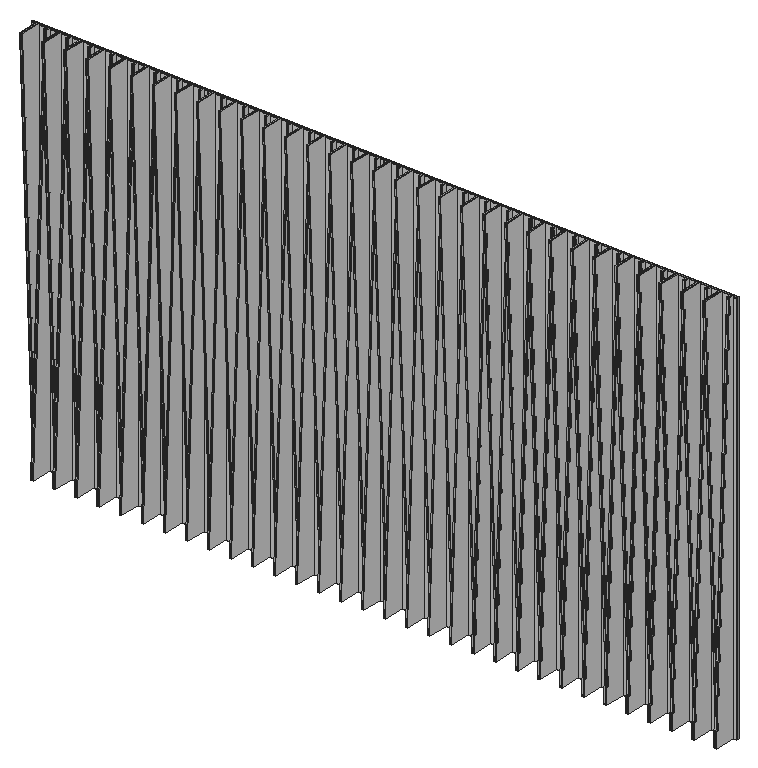
Revit family "SUR-PLG-003_RFA", category Modelos genéricos, Revit 2022
Family settings
  Puede alojar armadura = No
  Cota de conector redondo = Diámetro de uso
  Tipo de pieza = Normal
  Se basa en plano de trabajo = No
  Siempre vertical = Sí
  Corte con vacíos al cargar = No
  Mantener orientación de anotación = No
  Compartido = No
  Punto de cálculo de habitación = No
Parameters
  Elevación por defecto = 0.00"
Reference planes (in)
  plane 1 "Centro (Frontal/Posterior)": y = 0
  plane 2: z = 0
  plane 3 "Centro (Izquierda/Derecha)": x = 0
Forms (in)
  Extrusion 1, solid
    sketch origin (0, 0, 0) x (1, 0, 0) y (0, 1, 0)
      loop
        line (0, 0.11811) -> (0, 0) -> (48, 0) -> (48, 0.11811) -> (0, 0.11811)
    from 0 to 108
  Extrusion 2, solid
    sketch origin (0, 0, 0) x (1, 0, 0) y (0, 1, 0)
      loop
        line (0, 0.59055) -> (0, 0.11811) -> (48, 0.11811) -> (48, 0.59055) -> (0, 0.59055)
    from 0 to 108
  Extrusion 3, solid, not visible
    sketch origin (0, 0, 0) x (1, 0, 0) y (0, 1, 0)
      loop
        line (0, 0.11811) -> (0, 0) -> (48, 0) -> (48, 0.11811) -> (0, 0.11811)
    from 0 to 108
  Extrusion 4, solid, not visible
    sketch origin (0, 0, 0) x (1, 0, 0) y (0, 1, 0)
      loop
        line (0, 0.59055) -> (0, 0.11811) -> (48, 0.11811) -> (48, 0.59055) -> (0, 0.59055)
    from 0 to 108
  Extrusion 5, solid
    sketch origin (48, 0, 0) x (1, 0, 0) y (0, 1, 0)
      loop
        line (0, 0.11811) -> (0, 0) -> (48, 0) -> (48, 0.11811) -> (0, 0.11811)
    from 0 to 108
  Extrusion 6, solid
    sketch origin (48, 0, 0) x (1, 0, 0) y (0, 1, 0)
      loop
        line (0, 0.59055) -> (0, 0.11811) -> (48, 0.11811) -> (48, 0.59055) -> (0, 0.59055)
    from 0 to 108
  Extrusion 7, solid
    sketch origin (96, 0, 0) x (1, 0, 0) y (0, 1, 0)
      loop
        line (0, 0.11811) -> (0, 0) -> (48, 0) -> (48, 0.11811) -> (0, 0.11811)
    from 0 to 108
  Extrusion 8, solid
    sketch origin (96, 0, 0) x (1, 0, 0) y (0, 1, 0)
      loop
        line (0, 0.59055) -> (0, 0.11811) -> (48, 0.11811) -> (48, 0.59055) -> (0, 0.59055)
    from 0 to 108
  Extrusion 9, solid
    sketch origin (144, 0, 0) x (1, 0, 0) y (0, 1, 0)
      loop
        line (0, 0.11811) -> (0, 0) -> (48, 0) -> (48, 0.11811) -> (0, 0.11811)
    from 0 to 108
  Extrusion 10, solid
    sketch origin (144, 0, 0) x (1, 0, 0) y (0, 1, 0)
      loop
        line (0, 0.59055) -> (0, 0.11811) -> (48, 0.11811) -> (48, 0.59055) -> (0, 0.59055)
    from 0 to 108
  Extrusion 11, solid
    sketch origin (0, 0, 0) x (0, 1, 0) y (0, 0, 1)
      loop
        line (0, 108) -> (-5.40945, 108) -> (-1, 0) -> (0, 0) -> (0, 108)
    from 1.14605 to 1.26416
  Extrusion 12, solid
    sketch origin (0.11811, 0, 0) x (0, 1, 0) y (0, 0, 1)
      loop
        line (0, 108) -> (-5.40945, 108) -> (-1, 0) -> (0, 0) -> (0, 108)
    from 1.14605 to 1.61849
  Extrusion 13, solid
    sketch origin (0.59055, 0, 0) x (0, 1, 0) y (0, 0, 1)
      loop
        line (0, 108) -> (-5.40945, 108) -> (-1, 0) -> (0, 0) -> (0, 108)
    from 1.14605 to 1.26416
  Extrusion 14, solid
    sketch origin (2.99997, 0, 0) x (0, 1, 0) y (0, 0, 1)
      loop
        line (0, 108) -> (-1, 108) -> (-5.40945, 0) -> (0, 0) -> (0, 108)
    from 1.14605 to 1.26416
  Extrusion 15, solid
    sketch origin (3.11808, 0, 0) x (0, 1, 0) y (0, 0, 1)
      loop
        line (0, 108) -> (-1, 108) -> (-5.40945, 0) -> (0, 0) -> (0, 108)
    from 1.14605 to 1.61849
  Extrusion 16, solid
    sketch origin (3.59052, 0, 0) x (0, 1, 0) y (0, 0, 1)
      loop
        line (0, 108) -> (-1, 108) -> (-5.40945, 0) -> (0, 0) -> (0, 108)
    from 1.14605 to 1.26416
  Extrusion 17, solid, not visible
    sketch origin (0, 0, 0) x (0, 1, 0) y (0, 0, 1)
      loop
        line (0, 108) -> (-5.40945, 108) -> (-1, 0) -> (0, 0) -> (0, 108)
    from 1.14605 to 1.26416
  Extrusion 18, solid, not visible
    sketch origin (0.11811, 0, 0) x (0, 1, 0) y (0, 0, 1)
      loop
        line (0, 108) -> (-5.40945, 108) -> (-1, 0) -> (0, 0) -> (0, 108)
    from 1.14605 to 1.61849
  Extrusion 19, solid, not visible
    sketch origin (0.59055, 0, 0) x (0, 1, 0) y (0, 0, 1)
      loop
        line (0, 108) -> (-5.40945, 108) -> (-1, 0) -> (0, 0) -> (0, 108)
    from 1.14605 to 1.26416
  Extrusion 20, solid, not visible
    sketch origin (2.99997, 0, 0) x (0, 1, 0) y (0, 0, 1)
      loop
        line (0, 108) -> (-1, 108) -> (-5.40945, 0) -> (0, 0) -> (0, 108)
    from 1.14605 to 1.26416
  Extrusion 21, solid, not visible
    sketch origin (3.11808, 0, 0) x (0, 1, 0) y (0, 0, 1)
      loop
        line (0, 108) -> (-1, 108) -> (-5.40945, 0) -> (0, 0) -> (0, 108)
    from 1.14605 to 1.61849
  Extrusion 22, solid, not visible
    sketch origin (3.59052, 0, 0) x (0, 1, 0) y (0, 0, 1)
      loop
        line (0, 108) -> (-1, 108) -> (-5.40945, 0) -> (0, 0) -> (0, 108)
    from 1.14605 to 1.26416
  Extrusion 23, solid
    sketch origin (5.99997, 0, 0) x (0, 1, 0) y (0, 0, 1)
      loop
        line (0, 108) -> (-5.40945, 108) -> (-1, 0) -> (0, 0) -> (0, 108)
    from 1.14605 to 1.26416
  Extrusion 24, solid
    sketch origin (6.11808, 0, 0) x (0, 1, 0) y (0, 0, 1)
      loop
        line (0, 108) -> (-5.40945, 108) -> (-1, 0) -> (0, 0) -> (0, 108)
    from 1.14605 to 1.61849
  Extrusion 25, solid
    sketch origin (6.59052, 0, 0) x (0, 1, 0) y (0, 0, 1)
      loop
        line (0, 108) -> (-5.40945, 108) -> (-1, 0) -> (0, 0) -> (0, 108)
    from 1.14605 to 1.26416
  Extrusion 26, solid
    sketch origin (8.99993, 0, 0) x (0, 1, 0) y (0, 0, 1)
      loop
        line (0, 108) -> (-1, 108) -> (-5.40945, 0) -> (0, 0) -> (0, 108)
    from 1.14605 to 1.26416
  Extrusion 27, solid
    sketch origin (9.11804, 0, 0) x (0, 1, 0) y (0, 0, 1)
      loop
        line (0, 108) -> (-1, 108) -> (-5.40945, 0) -> (0, 0) -> (0, 108)
    from 1.14605 to 1.61849
  Extrusion 28, solid
    sketch origin (9.59048, 0, 0) x (0, 1, 0) y (0, 0, 1)
      loop
        line (0, 108) -> (-1, 108) -> (-5.40945, 0) -> (0, 0) -> (0, 108)
    from 1.14605 to 1.26416
  Extrusion 29, solid
    sketch origin (11.99993, 0, 0) x (0, 1, 0) y (0, 0, 1)
      loop
        line (0, 108) -> (-5.40945, 108) -> (-1, 0) -> (0, 0) -> (0, 108)
    from 1.14605 to 1.26416
  Extrusion 30, solid
    sketch origin (12.11804, 0, 0) x (0, 1, 0) y (0, 0, 1)
      loop
        line (0, 108) -> (-5.40945, 108) -> (-1, 0) -> (0, 0) -> (0, 108)
    from 1.14605 to 1.61849
  Extrusion 31, solid
    sketch origin (12.59048, 0, 0) x (0, 1, 0) y (0, 0, 1)
      loop
        line (0, 108) -> (-5.40945, 108) -> (-1, 0) -> (0, 0) -> (0, 108)
    from 1.14605 to 1.26416
  Extrusion 32, solid
    sketch origin (14.9999, 0, 0) x (0, 1, 0) y (0, 0, 1)
      loop
        line (0, 108) -> (-1, 108) -> (-5.40945, 0) -> (0, 0) -> (0, 108)
    from 1.14605 to 1.26416
  Extrusion 33, solid
    sketch origin (15.11801, 0, 0) x (0, 1, 0) y (0, 0, 1)
      loop
        line (0, 108) -> (-1, 108) -> (-5.40945, 0) -> (0, 0) -> (0, 108)
    from 1.14605 to 1.61849
  Extrusion 34, solid
    sketch origin (15.59045, 0, 0) x (0, 1, 0) y (0, 0, 1)
      loop
        line (0, 108) -> (-1, 108) -> (-5.40945, 0) -> (0, 0) -> (0, 108)
    from 1.14605 to 1.26416
  Extrusion 35, solid
    sketch origin (17.9999, 0, 0) x (0, 1, 0) y (0, 0, 1)
      loop
        line (0, 108) -> (-5.40945, 108) -> (-1, 0) -> (0, 0) -> (0, 108)
    from 1.14605 to 1.26416
  Extrusion 36, solid
    sketch origin (18.11801, 0, 0) x (0, 1, 0) y (0, 0, 1)
      loop
        line (0, 108) -> (-5.40945, 108) -> (-1, 0) -> (0, 0) -> (0, 108)
    from 1.14605 to 1.61849
  Extrusion 37, solid
    sketch origin (18.59045, 0, 0) x (0, 1, 0) y (0, 0, 1)
      loop
        line (0, 108) -> (-5.40945, 108) -> (-1, 0) -> (0, 0) -> (0, 108)
    from 1.14605 to 1.26416
  Extrusion 38, solid
    sketch origin (20.99986, 0, 0) x (0, 1, 0) y (0, 0, 1)
      loop
        line (0, 108) -> (-1, 108) -> (-5.40945, 0) -> (0, 0) -> (0, 108)
    from 1.14605 to 1.26416
  Extrusion 39, solid
    sketch origin (21.11797, 0, 0) x (0, 1, 0) y (0, 0, 1)
      loop
        line (0, 108) -> (-1, 108) -> (-5.40945, 0) -> (0, 0) -> (0, 108)
    from 1.14605 to 1.61849
  Extrusion 40, solid
    sketch origin (21.59042, 0, 0) x (0, 1, 0) y (0, 0, 1)
      loop
        line (0, 108) -> (-1, 108) -> (-5.40945, 0) -> (0, 0) -> (0, 108)
    from 1.14605 to 1.26416
  Extrusion 41, solid
    sketch origin (23.99986, 0, 0) x (0, 1, 0) y (0, 0, 1)
      loop
        line (0, 108) -> (-5.40945, 108) -> (-1, 0) -> (0, 0) -> (0, 108)
    from 1.14605 to 1.26416
  Extrusion 42, solid
    sketch origin (24.11797, 0, 0) x (0, 1, 0) y (0, 0, 1)
      loop
        line (0, 108) -> (-5.40945, 108) -> (-1, 0) -> (0, 0) -> (0, 108)
    from 1.14605 to 1.61849
  Extrusion 43, solid
    sketch origin (24.59041, 0, 0) x (0, 1, 0) y (0, 0, 1)
      loop
        line (0, 108) -> (-5.40945, 108) -> (-1, 0) -> (0, 0) -> (0, 108)
    from 1.14605 to 1.26416
  Extrusion 44, solid
    sketch origin (26.99983, 0, 0) x (0, 1, 0) y (0, 0, 1)
      loop
        line (0, 108) -> (-1, 108) -> (-5.40945, 0) -> (0, 0) -> (0, 108)
    from 1.14605 to 1.26416
  Extrusion 45, solid
    sketch origin (27.11794, 0, 0) x (0, 1, 0) y (0, 0, 1)
      loop
        line (0, 108) -> (-1, 108) -> (-5.40945, 0) -> (0, 0) -> (0, 108)
    from 1.14605 to 1.61849
  Extrusion 46, solid
    sketch origin (27.59038, 0, 0) x (0, 1, 0) y (0, 0, 1)
      loop
        line (0, 108) -> (-1, 108) -> (-5.40945, 0) -> (0, 0) -> (0, 108)
    from 1.14605 to 1.26416
  Extrusion 47, solid
    sketch origin (29.99983, 0, 0) x (0, 1, 0) y (0, 0, 1)
      loop
        line (0, 108) -> (-5.40945, 108) -> (-1, 0) -> (0, 0) -> (0, 108)
    from 1.14605 to 1.26416
  Extrusion 48, solid
    sketch origin (30.11794, 0, 0) x (0, 1, 0) y (0, 0, 1)
      loop
        line (0, 108) -> (-5.40945, 108) -> (-1, 0) -> (0, 0) -> (0, 108)
    from 1.14605 to 1.61849
  Extrusion 49, solid
    sketch origin (30.59038, 0, 0) x (0, 1, 0) y (0, 0, 1)
      loop
        line (0, 108) -> (-5.40945, 108) -> (-1, 0) -> (0, 0) -> (0, 108)
    from 1.14605 to 1.26416
  Extrusion 50, solid
    sketch origin (32.9998, 0, 0) x (0, 1, 0) y (0, 0, 1)
      loop
        line (0, 108) -> (-1, 108) -> (-5.40945, 0) -> (0, 0) -> (0, 108)
    from 1.14605 to 1.26416
  Extrusion 51, solid
    sketch origin (33.11791, 0, 0) x (0, 1, 0) y (0, 0, 1)
      loop
        line (0, 108) -> (-1, 108) -> (-5.40945, 0) -> (0, 0) -> (0, 108)
    from 1.14605 to 1.61849
  Extrusion 52, solid
    sketch origin (33.59035, 0, 0) x (0, 1, 0) y (0, 0, 1)
      loop
        line (0, 108) -> (-1, 108) -> (-5.40945, 0) -> (0, 0) -> (0, 108)
    from 1.14605 to 1.26416
  Extrusion 53, solid
    sketch origin (35.99979, 0, 0) x (0, 1, 0) y (0, 0, 1)
      loop
        line (0, 108) -> (-5.40945, 108) -> (-1, 0) -> (0, 0) -> (0, 108)
    from 1.14605 to 1.26416
  Extrusion 54, solid
    sketch origin (36.1179, 0, 0) x (0, 1, 0) y (0, 0, 1)
      loop
        line (0, 108) -> (-5.40945, 108) -> (-1, 0) -> (0, 0) -> (0, 108)
    from 1.14605 to 1.61849
  Extrusion 55, solid
    sketch origin (36.59035, 0, 0) x (0, 1, 0) y (0, 0, 1)
      loop
        line (0, 108) -> (-5.40945, 108) -> (-1, 0) -> (0, 0) -> (0, 108)
    from 1.14605 to 1.26416
  Extrusion 56, solid
    sketch origin (38.99976, 0, 0) x (0, 1, 0) y (0, 0, 1)
      loop
        line (0, 108) -> (-1, 108) -> (-5.40945, 0) -> (0, 0) -> (0, 108)
    from 1.14605 to 1.26416
  Extrusion 57, solid
    sketch origin (39.11787, 0, 0) x (0, 1, 0) y (0, 0, 1)
      loop
        line (0, 108) -> (-1, 108) -> (-5.40945, 0) -> (0, 0) -> (0, 108)
    from 1.14605 to 1.61849
  Extrusion 58, solid
    sketch origin (39.59031, 0, 0) x (0, 1, 0) y (0, 0, 1)
      loop
        line (0, 108) -> (-1, 108) -> (-5.40945, 0) -> (0, 0) -> (0, 108)
    from 1.14605 to 1.26416
  Extrusion 59, solid
    sketch origin (41.99976, 0, 0) x (0, 1, 0) y (0, 0, 1)
      loop
        line (0, 108) -> (-5.40945, 108) -> (-1, 0) -> (0, 0) -> (0, 108)
    from 1.14605 to 1.26416
  Extrusion 60, solid
    sketch origin (42.11787, 0, 0) x (0, 1, 0) y (0, 0, 1)
      loop
        line (0, 108) -> (-5.40945, 108) -> (-1, 0) -> (0, 0) -> (0, 108)
    from 1.14605 to 1.61849
  Extrusion 61, solid
    sketch origin (42.59031, 0, 0) x (0, 1, 0) y (0, 0, 1)
      loop
        line (0, 108) -> (-5.40945, 108) -> (-1, 0) -> (0, 0) -> (0, 108)
    from 1.14605 to 1.26416
  Extrusion 62, solid
    sketch origin (44.99973, 0, 0) x (0, 1, 0) y (0, 0, 1)
      loop
        line (0, 108) -> (-1, 108) -> (-5.40945, 0) -> (0, 0) -> (0, 108)
    from 1.14605 to 1.26416
  Extrusion 63, solid
    sketch origin (45.11784, 0, 0) x (0, 1, 0) y (0, 0, 1)
      loop
        line (0, 108) -> (-1, 108) -> (-5.40945, 0) -> (0, 0) -> (0, 108)
    from 1.14605 to 1.61849
  Extrusion 64, solid
    sketch origin (45.59028, 0, 0) x (0, 1, 0) y (0, 0, 1)
      loop
        line (0, 108) -> (-1, 108) -> (-5.40945, 0) -> (0, 0) -> (0, 108)
    from 1.14605 to 1.26416
  Extrusion 65, solid
    sketch origin (47.99973, 0, 0) x (0, 1, 0) y (0, 0, 1)
      loop
        line (0, 108) -> (-5.40945, 108) -> (-1, 0) -> (0, 0) -> (0, 108)
    from 1.14605 to 1.26416
  Extrusion 66, solid
    sketch origin (48.11784, 0, 0) x (0, 1, 0) y (0, 0, 1)
      loop
        line (0, 108) -> (-5.40945, 108) -> (-1, 0) -> (0, 0) -> (0, 108)
    from 1.14605 to 1.61849
  Extrusion 67, solid
    sketch origin (48.59028, 0, 0) x (0, 1, 0) y (0, 0, 1)
      loop
        line (0, 108) -> (-5.40945, 108) -> (-1, 0) -> (0, 0) -> (0, 108)
    from 1.14605 to 1.26416
  Extrusion 68, solid
    sketch origin (50.99969, 0, 0) x (0, 1, 0) y (0, 0, 1)
      loop
        line (0, 108) -> (-1, 108) -> (-5.40945, 0) -> (0, 0) -> (0, 108)
    from 1.14605 to 1.26416
  Extrusion 69, solid
    sketch origin (51.1178, 0, 0) x (0, 1, 0) y (0, 0, 1)
      loop
        line (0, 108) -> (-1, 108) -> (-5.40945, 0) -> (0, 0) -> (0, 108)
    from 1.14605 to 1.61849
  Extrusion 70, solid
    sketch origin (51.59024, 0, 0) x (0, 1, 0) y (0, 0, 1)
      loop
        line (0, 108) -> (-1, 108) -> (-5.40945, 0) -> (0, 0) -> (0, 108)
    from 1.14605 to 1.26416
  Extrusion 71, solid
    sketch origin (53.99969, 0, 0) x (0, 1, 0) y (0, 0, 1)
      loop
        line (0, 108) -> (-5.40945, 108) -> (-1, 0) -> (0, 0) -> (0, 108)
    from 1.14605 to 1.26416
  Extrusion 72, solid
    sketch origin (54.1178, 0, 0) x (0, 1, 0) y (0, 0, 1)
      loop
        line (0, 108) -> (-5.40945, 108) -> (-1, 0) -> (0, 0) -> (0, 108)
    from 1.14605 to 1.61849
  Extrusion 73, solid
    sketch origin (54.59024, 0, 0) x (0, 1, 0) y (0, 0, 1)
      loop
        line (0, 108) -> (-5.40945, 108) -> (-1, 0) -> (0, 0) -> (0, 108)
    from 1.14605 to 1.26416
  Extrusion 74, solid
    sketch origin (56.99966, 0, 0) x (0, 1, 0) y (0, 0, 1)
      loop
        line (0, 108) -> (-1, 108) -> (-5.40945, 0) -> (0, 0) -> (0, 108)
    from 1.14605 to 1.26416
  Extrusion 75, solid
    sketch origin (57.11777, 0, 0) x (0, 1, 0) y (0, 0, 1)
      loop
        line (0, 108) -> (-1, 108) -> (-5.40945, 0) -> (0, 0) -> (0, 108)
    from 1.14605 to 1.61849
  Extrusion 76, solid
    sketch origin (57.59021, 0, 0) x (0, 1, 0) y (0, 0, 1)
      loop
        line (0, 108) -> (-1, 108) -> (-5.40945, 0) -> (0, 0) -> (0, 108)
    from 1.14605 to 1.26416
  Extrusion 77, solid
    sketch origin (59.99993, 0, 0) x (0, 1, 0) y (0, 0, 1)
      loop
        line (0, 108) -> (-5.40945, 108) -> (-1, 0) -> (0, 0) -> (0, 108)
    from 1.14605 to 1.26416
  Extrusion 78, solid
    sketch origin (60.11804, 0, 0) x (0, 1, 0) y (0, 0, 1)
      loop
        line (0, 108) -> (-5.40945, 108) -> (-1, 0) -> (0, 0) -> (0, 108)
    from 1.14605 to 1.61849
  Extrusion 79, solid
    sketch origin (60.59048, 0, 0) x (0, 1, 0) y (0, 0, 1)
      loop
        line (0, 108) -> (-5.40945, 108) -> (-1, 0) -> (0, 0) -> (0, 108)
    from 1.14605 to 1.26416
  Extrusion 80, solid
    sketch origin (62.9999, 0, 0) x (0, 1, 0) y (0, 0, 1)
      loop
        line (0, 108) -> (-1, 108) -> (-5.40945, 0) -> (0, 0) -> (0, 108)
    from 1.14605 to 1.26416
  Extrusion 81, solid
    sketch origin (63.11801, 0, 0) x (0, 1, 0) y (0, 0, 1)
      loop
        line (0, 108) -> (-1, 108) -> (-5.40945, 0) -> (0, 0) -> (0, 108)
    from 1.14605 to 1.61849
  Extrusion 82, solid
    sketch origin (63.59045, 0, 0) x (0, 1, 0) y (0, 0, 1)
      loop
        line (0, 108) -> (-1, 108) -> (-5.40945, 0) -> (0, 0) -> (0, 108)
    from 1.14605 to 1.26416
  Extrusion 83, solid
    sketch origin (65.9999, 0, 0) x (0, 1, 0) y (0, 0, 1)
      loop
        line (0, 108) -> (-5.40945, 108) -> (-1, 0) -> (0, 0) -> (0, 108)
    from 1.14605 to 1.26416
  Extrusion 84, solid
    sketch origin (66.11801, 0, 0) x (0, 1, 0) y (0, 0, 1)
      loop
        line (0, 108) -> (-5.40945, 108) -> (-1, 0) -> (0, 0) -> (0, 108)
    from 1.14605 to 1.61849
  Extrusion 85, solid
    sketch origin (66.59045, 0, 0) x (0, 1, 0) y (0, 0, 1)
      loop
        line (0, 108) -> (-5.40945, 108) -> (-1, 0) -> (0, 0) -> (0, 108)
    from 1.14605 to 1.26416
  Extrusion 86, solid
    sketch origin (68.99987, 0, 0) x (0, 1, 0) y (0, 0, 1)
      loop
        line (0, 108) -> (-1, 108) -> (-5.40945, 0) -> (0, 0) -> (0, 108)
    from 1.14605 to 1.26416
  Extrusion 87, solid
    sketch origin (69.11798, 0, 0) x (0, 1, 0) y (0, 0, 1)
      loop
        line (0, 108) -> (-1, 108) -> (-5.40945, 0) -> (0, 0) -> (0, 108)
    from 1.14605 to 1.61849
  Extrusion 88, solid
    sketch origin (69.59042, 0, 0) x (0, 1, 0) y (0, 0, 1)
      loop
        line (0, 108) -> (-1, 108) -> (-5.40945, 0) -> (0, 0) -> (0, 108)
    from 1.14605 to 1.26416
  Extrusion 89, solid
    sketch origin (71.99987, 0, 0) x (0, 1, 0) y (0, 0, 1)
      loop
        line (0, 108) -> (-5.40945, 108) -> (-1, 0) -> (0, 0) -> (0, 108)
    from 1.14605 to 1.26416
  Extrusion 90, solid
    sketch origin (72.11798, 0, 0) x (0, 1, 0) y (0, 0, 1)
      loop
        line (0, 108) -> (-5.40945, 108) -> (-1, 0) -> (0, 0) -> (0, 108)
    from 1.14605 to 1.61849
  Extrusion 91, solid
    sketch origin (72.59042, 0, 0) x (0, 1, 0) y (0, 0, 1)
      loop
        line (0, 108) -> (-5.40945, 108) -> (-1, 0) -> (0, 0) -> (0, 108)
    from 1.14605 to 1.26416
  Extrusion 92, solid
    sketch origin (74.99983, 0, 0) x (0, 1, 0) y (0, 0, 1)
      loop
        line (0, 108) -> (-1, 108) -> (-5.40945, 0) -> (0, 0) -> (0, 108)
    from 1.14605 to 1.26416
  Extrusion 93, solid
    sketch origin (75.11794, 0, 0) x (0, 1, 0) y (0, 0, 1)
      loop
        line (0, 108) -> (-1, 108) -> (-5.40945, 0) -> (0, 0) -> (0, 108)
    from 1.14605 to 1.61849
  Extrusion 94, solid
    sketch origin (75.59039, 0, 0) x (0, 1, 0) y (0, 0, 1)
      loop
        line (0, 108) -> (-1, 108) -> (-5.40945, 0) -> (0, 0) -> (0, 108)
    from 1.14605 to 1.26416
  Extrusion 95, solid
    sketch origin (77.99983, 0, 0) x (0, 1, 0) y (0, 0, 1)
      loop
        line (0, 108) -> (-5.40945, 108) -> (-1, 0) -> (0, 0) -> (0, 108)
    from 1.14605 to 1.26416
  Extrusion 96, solid
    sketch origin (78.11794, 0, 0) x (0, 1, 0) y (0, 0, 1)
      loop
        line (0, 108) -> (-5.40945, 108) -> (-1, 0) -> (0, 0) -> (0, 108)
    from 1.14605 to 1.61849
  Extrusion 97, solid
    sketch origin (78.59038, 0, 0) x (0, 1, 0) y (0, 0, 1)
      loop
        line (0, 108) -> (-5.40945, 108) -> (-1, 0) -> (0, 0) -> (0, 108)
    from 1.14605 to 1.26416
  Extrusion 98, solid
    sketch origin (80.9998, 0, 0) x (0, 1, 0) y (0, 0, 1)
      loop
        line (0, 108) -> (-1, 108) -> (-5.40945, 0) -> (0, 0) -> (0, 108)
    from 1.14605 to 1.26416
  Extrusion 99, solid
    sketch origin (81.11791, 0, 0) x (0, 1, 0) y (0, 0, 1)
      loop
        line (0, 108) -> (-1, 108) -> (-5.40945, 0) -> (0, 0) -> (0, 108)
    from 1.14605 to 1.61849
  Extrusion 100, solid
    sketch origin (81.59035, 0, 0) x (0, 1, 0) y (0, 0, 1)
      loop
        line (0, 108) -> (-1, 108) -> (-5.40945, 0) -> (0, 0) -> (0, 108)
    from 1.14605 to 1.26416
  Extrusion 101, solid
    sketch origin (83.9998, 0, 0) x (0, 1, 0) y (0, 0, 1)
      loop
        line (0, 108) -> (-5.40945, 108) -> (-1, 0) -> (0, 0) -> (0, 108)
    from 1.14605 to 1.26416
  Extrusion 102, solid
    sketch origin (84.11791, 0, 0) x (0, 1, 0) y (0, 0, 1)
      loop
        line (0, 108) -> (-5.40945, 108) -> (-1, 0) -> (0, 0) -> (0, 108)
    from 1.14605 to 1.61849
  Extrusion 103, solid
    sketch origin (84.59035, 0, 0) x (0, 1, 0) y (0, 0, 1)
      loop
        line (0, 108) -> (-5.40945, 108) -> (-1, 0) -> (0, 0) -> (0, 108)
    from 1.14605 to 1.26416
  Extrusion 104, solid
    sketch origin (86.99976, 0, 0) x (0, 1, 0) y (0, 0, 1)
      loop
        line (0, 108) -> (-1, 108) -> (-5.40945, 0) -> (0, 0) -> (0, 108)
    from 1.14605 to 1.26416
  Extrusion 105, solid
    sketch origin (87.11787, 0, 0) x (0, 1, 0) y (0, 0, 1)
      loop
        line (0, 108) -> (-1, 108) -> (-5.40945, 0) -> (0, 0) -> (0, 108)
    from 1.14605 to 1.61849
  Extrusion 106, solid
    sketch origin (87.59031, 0, 0) x (0, 1, 0) y (0, 0, 1)
      loop
        line (0, 108) -> (-1, 108) -> (-5.40945, 0) -> (0, 0) -> (0, 108)
    from 1.14605 to 1.26416
  Extrusion 107, solid
    sketch origin (89.99976, 0, 0) x (0, 1, 0) y (0, 0, 1)
      loop
        line (0, 108) -> (-5.40945, 108) -> (-1, 0) -> (0, 0) -> (0, 108)
    from 1.14605 to 1.26416
  Extrusion 108, solid
    sketch origin (90.11787, 0, 0) x (0, 1, 0) y (0, 0, 1)
      loop
        line (0, 108) -> (-5.40945, 108) -> (-1, 0) -> (0, 0) -> (0, 108)
    from 1.14605 to 1.61849
  Extrusion 109, solid
    sketch origin (90.59031, 0, 0) x (0, 1, 0) y (0, 0, 1)
      loop
        line (0, 108) -> (-5.40945, 108) -> (-1, 0) -> (0, 0) -> (0, 108)
    from 1.14605 to 1.26416
  Extrusion 110, solid
    sketch origin (92.99973, 0, 0) x (0, 1, 0) y (0, 0, 1)
      loop
        line (0, 108) -> (-1, 108) -> (-5.40945, 0) -> (0, 0) -> (0, 108)
    from 1.14605 to 1.26416
  Extrusion 111, solid
    sketch origin (93.11784, 0, 0) x (0, 1, 0) y (0, 0, 1)
      loop
        line (0, 108) -> (-1, 108) -> (-5.40945, 0) -> (0, 0) -> (0, 108)
    from 1.14605 to 1.61849
  Extrusion 112, solid
    sketch origin (93.59028, 0, 0) x (0, 1, 0) y (0, 0, 1)
      loop
        line (0, 108) -> (-1, 108) -> (-5.40945, 0) -> (0, 0) -> (0, 108)
    from 1.14605 to 1.26416
  Extrusion 113, solid
    sketch origin (95.99973, 0, 0) x (0, 1, 0) y (0, 0, 1)
      loop
        line (0, 108) -> (-5.40945, 108) -> (-1, 0) -> (0, 0) -> (0, 108)
    from 1.14605 to 1.26416
  Extrusion 114, solid
    sketch origin (96.11784, 0, 0) x (0, 1, 0) y (0, 0, 1)
      loop
        line (0, 108) -> (-5.40945, 108) -> (-1, 0) -> (0, 0) -> (0, 108)
    from 1.14605 to 1.61849
  Extrusion 115, solid
    sketch origin (96.59028, 0, 0) x (0, 1, 0) y (0, 0, 1)
      loop
        line (0, 108) -> (-5.40945, 108) -> (-1, 0) -> (0, 0) -> (0, 108)
    from 1.14605 to 1.26416
  Extrusion 116, solid
    sketch origin (98.9997, 0, 0) x (0, 1, 0) y (0, 0, 1)
      loop
        line (0, 108) -> (-1, 108) -> (-5.40945, 0) -> (0, 0) -> (0, 108)
    from 1.14605 to 1.26416
  Extrusion 117, solid
    sketch origin (99.11781, 0, 0) x (0, 1, 0) y (0, 0, 1)
      loop
        line (0, 108) -> (-1, 108) -> (-5.40945, 0) -> (0, 0) -> (0, 108)
    from 1.14605 to 1.61849
  Extrusion 118, solid
    sketch origin (99.59025, 0, 0) x (0, 1, 0) y (0, 0, 1)
      loop
        line (0, 108) -> (-1, 108) -> (-5.40945, 0) -> (0, 0) -> (0, 108)
    from 1.14605 to 1.26416
  Extrusion 119, solid
    sketch origin (101.9997, 0, 0) x (0, 1, 0) y (0, 0, 1)
      loop
        line (0, 108) -> (-5.40945, 108) -> (-1, 0) -> (0, 0) -> (0, 108)
    from 1.14605 to 1.26416
  Extrusion 120, solid
    sketch origin (102.11781, 0, 0) x (0, 1, 0) y (0, 0, 1)
      loop
        line (0, 108) -> (-5.40945, 108) -> (-1, 0) -> (0, 0) -> (0, 108)
    from 1.14605 to 1.61849
  Extrusion 121, solid
    sketch origin (102.59025, 0, 0) x (0, 1, 0) y (0, 0, 1)
      loop
        line (0, 108) -> (-5.40945, 108) -> (-1, 0) -> (0, 0) -> (0, 108)
    from 1.14605 to 1.26416
  Extrusion 122, solid
    sketch origin (104.99966, 0, 0) x (0, 1, 0) y (0, 0, 1)
      loop
        line (0, 108) -> (-1, 108) -> (-5.40945, 0) -> (0, 0) -> (0, 108)
    from 1.14605 to 1.26416
  Extrusion 123, solid
    sketch origin (105.11777, 0, 0) x (0, 1, 0) y (0, 0, 1)
      loop
        line (0, 108) -> (-1, 108) -> (-5.40945, 0) -> (0, 0) -> (0, 108)
    from 1.14605 to 1.61849
  Extrusion 124, solid
    sketch origin (105.59021, 0, 0) x (0, 1, 0) y (0, 0, 1)
      loop
        line (0, 108) -> (-1, 108) -> (-5.40945, 0) -> (0, 0) -> (0, 108)
    from 1.14605 to 1.26416
  Extrusion 125, solid
    sketch origin (107.99966, 0, 0) x (0, 1, 0) y (0, 0, 1)
      loop
        line (0, 108) -> (-5.40945, 108) -> (-1, 0) -> (0, 0) -> (0, 108)
    from 1.14605 to 1.26416
  Extrusion 126, solid
    sketch origin (108.11777, 0, 0) x (0, 1, 0) y (0, 0, 1)
      loop
        line (0, 108) -> (-5.40945, 108) -> (-1, 0) -> (0, 0) -> (0, 108)
    from 1.14605 to 1.61849
  Extrusion 127, solid
    sketch origin (108.59021, 0, 0) x (0, 1, 0) y (0, 0, 1)
      loop
        line (0, 108) -> (-5.40945, 108) -> (-1, 0) -> (0, 0) -> (0, 108)
    from 1.14605 to 1.26416
  Extrusion 128, solid
    sketch origin (110.99963, 0, 0) x (0, 1, 0) y (0, 0, 1)
      loop
        line (0, 108) -> (-1, 108) -> (-5.40945, 0) -> (0, 0) -> (0, 108)
    from 1.14605 to 1.26416
  Extrusion 129, solid
    sketch origin (111.11774, 0, 0) x (0, 1, 0) y (0, 0, 1)
      loop
        line (0, 108) -> (-1, 108) -> (-5.40945, 0) -> (0, 0) -> (0, 108)
    from 1.14605 to 1.61849
  Extrusion 130, solid
    sketch origin (111.59018, 0, 0) x (0, 1, 0) y (0, 0, 1)
      loop
        line (0, 108) -> (-1, 108) -> (-5.40945, 0) -> (0, 0) -> (0, 108)
    from 1.14605 to 1.26416
  Extrusion 131, solid
    sketch origin (113.99962, 0, 0) x (0, 1, 0) y (0, 0, 1)
      loop
        line (0, 108) -> (-5.40945, 108) -> (-1, 0) -> (0, 0) -> (0, 108)
    from 1.14605 to 1.26416
  Extrusion 132, solid
    sketch origin (114.11773, 0, 0) x (0, 1, 0) y (0, 0, 1)
      loop
        line (0, 108) -> (-5.40945, 108) -> (-1, 0) -> (0, 0) -> (0, 108)
    from 1.14605 to 1.61849
  Extrusion 133, solid
    sketch origin (114.59018, 0, 0) x (0, 1, 0) y (0, 0, 1)
      loop
        line (0, 108) -> (-5.40945, 108) -> (-1, 0) -> (0, 0) -> (0, 108)
    from 1.14605 to 1.26416
  Extrusion 134, solid
    sketch origin (116.99959, 0, 0) x (0, 1, 0) y (0, 0, 1)
      loop
        line (0, 108) -> (-1, 108) -> (-5.40945, 0) -> (0, 0) -> (0, 108)
    from 1.14605 to 1.26416
  Extrusion 135, solid
    sketch origin (117.1177, 0, 0) x (0, 1, 0) y (0, 0, 1)
      loop
        line (0, 108) -> (-1, 108) -> (-5.40945, 0) -> (0, 0) -> (0, 108)
    from 1.14605 to 1.61849
  Extrusion 136, solid
    sketch origin (117.59014, 0, 0) x (0, 1, 0) y (0, 0, 1)
      loop
        line (0, 108) -> (-1, 108) -> (-5.40945, 0) -> (0, 0) -> (0, 108)
    from 1.14605 to 1.26416
  Extrusion 137, solid
    sketch origin (119.99986, 0, 0) x (0, 1, 0) y (0, 0, 1)
      loop
        line (0, 108) -> (-5.40945, 108) -> (-1, 0) -> (0, 0) -> (0, 108)
    from 1.14605 to 1.26416
  Extrusion 138, solid
    sketch origin (120.11797, 0, 0) x (0, 1, 0) y (0, 0, 1)
      loop
        line (0, 108) -> (-5.40945, 108) -> (-1, 0) -> (0, 0) -> (0, 108)
    from 1.14605 to 1.61849
  Extrusion 139, solid
    sketch origin (120.59041, 0, 0) x (0, 1, 0) y (0, 0, 1)
      loop
        line (0, 108) -> (-5.40945, 108) -> (-1, 0) -> (0, 0) -> (0, 108)
    from 1.14605 to 1.26416
  Extrusion 140, solid
    sketch origin (122.99983, 0, 0) x (0, 1, 0) y (0, 0, 1)
      loop
        line (0, 108) -> (-1, 108) -> (-5.40945, 0) -> (0, 0) -> (0, 108)
    from 1.14605 to 1.26416
  Extrusion 141, solid
    sketch origin (123.11794, 0, 0) x (0, 1, 0) y (0, 0, 1)
      loop
        line (0, 108) -> (-1, 108) -> (-5.40945, 0) -> (0, 0) -> (0, 108)
    from 1.14605 to 1.61849
  Extrusion 142, solid
    sketch origin (123.59038, 0, 0) x (0, 1, 0) y (0, 0, 1)
      loop
        line (0, 108) -> (-1, 108) -> (-5.40945, 0) -> (0, 0) -> (0, 108)
    from 1.14605 to 1.26416
  Extrusion 143, solid
    sketch origin (125.99983, 0, 0) x (0, 1, 0) y (0, 0, 1)
      loop
        line (0, 108) -> (-5.40945, 108) -> (-1, 0) -> (0, 0) -> (0, 108)
    from 1.14605 to 1.26416
  Extrusion 144, solid
    sketch origin (126.11794, 0, 0) x (0, 1, 0) y (0, 0, 1)
      loop
        line (0, 108) -> (-5.40945, 108) -> (-1, 0) -> (0, 0) -> (0, 108)
    from 1.14605 to 1.61849
  Extrusion 145, solid
    sketch origin (126.59038, 0, 0) x (0, 1, 0) y (0, 0, 1)
      loop
        line (0, 108) -> (-5.40945, 108) -> (-1, 0) -> (0, 0) -> (0, 108)
    from 1.14605 to 1.26416
  Extrusion 146, solid
    sketch origin (128.99979, 0, 0) x (0, 1, 0) y (0, 0, 1)
      loop
        line (0, 108) -> (-1, 108) -> (-5.40945, 0) -> (0, 0) -> (0, 108)
    from 1.14605 to 1.26416
  Extrusion 147, solid
    sketch origin (129.1179, 0, 0) x (0, 1, 0) y (0, 0, 1)
      loop
        line (0, 108) -> (-1, 108) -> (-5.40945, 0) -> (0, 0) -> (0, 108)
    from 1.14605 to 1.61849
  Extrusion 148, solid
    sketch origin (129.59035, 0, 0) x (0, 1, 0) y (0, 0, 1)
      loop
        line (0, 108) -> (-1, 108) -> (-5.40945, 0) -> (0, 0) -> (0, 108)
    from 1.14605 to 1.26416
  Extrusion 149, solid
    sketch origin (131.9998, 0, 0) x (0, 1, 0) y (0, 0, 1)
      loop
        line (0, 108) -> (-5.40945, 108) -> (-1, 0) -> (0, 0) -> (0, 108)
    from 1.14605 to 1.26416
  Extrusion 150, solid
    sketch origin (132.11791, 0, 0) x (0, 1, 0) y (0, 0, 1)
      loop
        line (0, 108) -> (-5.40945, 108) -> (-1, 0) -> (0, 0) -> (0, 108)
    from 1.14605 to 1.61849
  Extrusion 151, solid
    sketch origin (132.59035, 0, 0) x (0, 1, 0) y (0, 0, 1)
      loop
        line (0, 108) -> (-5.40945, 108) -> (-1, 0) -> (0, 0) -> (0, 108)
    from 1.14605 to 1.26416
  Extrusion 152, solid
    sketch origin (134.99976, 0, 0) x (0, 1, 0) y (0, 0, 1)
      loop
        line (0, 108) -> (-1, 108) -> (-5.40945, 0) -> (0, 0) -> (0, 108)
    from 1.14605 to 1.26416
  Extrusion 153, solid
    sketch origin (135.11787, 0, 0) x (0, 1, 0) y (0, 0, 1)
      loop
        line (0, 108) -> (-1, 108) -> (-5.40945, 0) -> (0, 0) -> (0, 108)
    from 1.14605 to 1.61849
  Extrusion 154, solid
    sketch origin (135.59031, 0, 0) x (0, 1, 0) y (0, 0, 1)
      loop
        line (0, 108) -> (-1, 108) -> (-5.40945, 0) -> (0, 0) -> (0, 108)
    from 1.14605 to 1.26416
  Extrusion 155, solid
    sketch origin (137.99976, 0, 0) x (0, 1, 0) y (0, 0, 1)
      loop
        line (0, 108) -> (-5.40945, 108) -> (-1, 0) -> (0, 0) -> (0, 108)
    from 1.14605 to 1.26416
  Extrusion 156, solid
    sketch origin (138.11787, 0, 0) x (0, 1, 0) y (0, 0, 1)
      loop
        line (0, 108) -> (-5.40945, 108) -> (-1, 0) -> (0, 0) -> (0, 108)
    from 1.14605 to 1.61849
  Extrusion 157, solid
    sketch origin (138.59031, 0, 0) x (0, 1, 0) y (0, 0, 1)
      loop
        line (0, 108) -> (-5.40945, 108) -> (-1, 0) -> (0, 0) -> (0, 108)
    from 1.14605 to 1.26416
  Extrusion 158, solid
    sketch origin (140.99973, 0, 0) x (0, 1, 0) y (0, 0, 1)
      loop
        line (0, 108) -> (-1, 108) -> (-5.40945, 0) -> (0, 0) -> (0, 108)
    from 1.14605 to 1.26416
  Extrusion 159, solid
    sketch origin (141.11784, 0, 0) x (0, 1, 0) y (0, 0, 1)
      loop
        line (0, 108) -> (-1, 108) -> (-5.40945, 0) -> (0, 0) -> (0, 108)
    from 1.14605 to 1.61849
  Extrusion 160, solid
    sketch origin (141.59028, 0, 0) x (0, 1, 0) y (0, 0, 1)
      loop
        line (0, 108) -> (-1, 108) -> (-5.40945, 0) -> (0, 0) -> (0, 108)
    from 1.14605 to 1.26416
  Extrusion 161, solid
    sketch origin (143.99972, 0, 0) x (0, 1, 0) y (0, 0, 1)
      loop
        line (0, 108) -> (-5.40945, 108) -> (-1, 0) -> (0, 0) -> (0, 108)
    from 1.14605 to 1.26416
  Extrusion 162, solid
    sketch origin (144.11783, 0, 0) x (0, 1, 0) y (0, 0, 1)
      loop
        line (0, 108) -> (-5.40945, 108) -> (-1, 0) -> (0, 0) -> (0, 108)
    from 1.14605 to 1.61849
  Extrusion 163, solid
    sketch origin (144.59027, 0, 0) x (0, 1, 0) y (0, 0, 1)
      loop
        line (0, 108) -> (-5.40945, 108) -> (-1, 0) -> (0, 0) -> (0, 108)
    from 1.14605 to 1.26416
  Extrusion 164, solid
    sketch origin (146.99969, 0, 0) x (0, 1, 0) y (0, 0, 1)
      loop
        line (0, 108) -> (-1, 108) -> (-5.40945, 0) -> (0, 0) -> (0, 108)
    from 1.14605 to 1.26416
  Extrusion 165, solid
    sketch origin (147.1178, 0, 0) x (0, 1, 0) y (0, 0, 1)
      loop
        line (0, 108) -> (-1, 108) -> (-5.40945, 0) -> (0, 0) -> (0, 108)
    from 1.14605 to 1.61849
  Extrusion 166, solid
    sketch origin (147.59024, 0, 0) x (0, 1, 0) y (0, 0, 1)
      loop
        line (0, 108) -> (-1, 108) -> (-5.40945, 0) -> (0, 0) -> (0, 108)
    from 1.14605 to 1.26416
  Extrusion 167, solid
    sketch origin (149.99997, 0, 0) x (0, 1, 0) y (0, 0, 1)
      loop
        line (0, 108) -> (-5.40945, 108) -> (-1, 0) -> (0, 0) -> (0, 108)
    from 1.14605 to 1.26416
  Extrusion 168, solid
    sketch origin (150.11808, 0, 0) x (0, 1, 0) y (0, 0, 1)
      loop
        line (0, 108) -> (-5.40945, 108) -> (-1, 0) -> (0, 0) -> (0, 108)
    from 1.14605 to 1.61849
  Extrusion 169, solid
    sketch origin (150.59052, 0, 0) x (0, 1, 0) y (0, 0, 1)
      loop
        line (0, 108) -> (-5.40945, 108) -> (-1, 0) -> (0, 0) -> (0, 108)
    from 1.14605 to 1.26416
  Extrusion 170, solid
    sketch origin (152.99993, 0, 0) x (0, 1, 0) y (0, 0, 1)
      loop
        line (0, 108) -> (-1, 108) -> (-5.40945, 0) -> (0, 0) -> (0, 108)
    from 1.14605 to 1.26416
  Extrusion 171, solid
    sketch origin (153.11804, 0, 0) x (0, 1, 0) y (0, 0, 1)
      loop
        line (0, 108) -> (-1, 108) -> (-5.40945, 0) -> (0, 0) -> (0, 108)
    from 1.14605 to 1.61849
  Extrusion 172, solid
    sketch origin (153.59048, 0, 0) x (0, 1, 0) y (0, 0, 1)
      loop
        line (0, 108) -> (-1, 108) -> (-5.40945, 0) -> (0, 0) -> (0, 108)
    from 1.14605 to 1.26416
  Extrusion 173, solid
    sketch origin (155.99993, 0, 0) x (0, 1, 0) y (0, 0, 1)
      loop
        line (0, 108) -> (-5.40945, 108) -> (-1, 0) -> (0, 0) -> (0, 108)
    from 1.14605 to 1.26416
  Extrusion 174, solid
    sketch origin (156.11804, 0, 0) x (0, 1, 0) y (0, 0, 1)
      loop
        line (0, 108) -> (-5.40945, 108) -> (-1, 0) -> (0, 0) -> (0, 108)
    from 1.14605 to 1.61849
  Extrusion 175, solid
    sketch origin (156.59048, 0, 0) x (0, 1, 0) y (0, 0, 1)
      loop
        line (0, 108) -> (-5.40945, 108) -> (-1, 0) -> (0, 0) -> (0, 108)
    from 1.14605 to 1.26416
  Extrusion 176, solid
    sketch origin (158.9999, 0, 0) x (0, 1, 0) y (0, 0, 1)
      loop
        line (0, 108) -> (-1, 108) -> (-5.40945, 0) -> (0, 0) -> (0, 108)
    from 1.14605 to 1.26416
  Extrusion 177, solid
    sketch origin (159.11801, 0, 0) x (0, 1, 0) y (0, 0, 1)
      loop
        line (0, 108) -> (-1, 108) -> (-5.40945, 0) -> (0, 0) -> (0, 108)
    from 1.14605 to 1.61849
  Extrusion 178, solid
    sketch origin (159.59045, 0, 0) x (0, 1, 0) y (0, 0, 1)
      loop
        line (0, 108) -> (-1, 108) -> (-5.40945, 0) -> (0, 0) -> (0, 108)
    from 1.14605 to 1.26416
  Extrusion 179, solid
    sketch origin (161.9999, 0, 0) x (0, 1, 0) y (0, 0, 1)
      loop
        line (0, 108) -> (-5.40945, 108) -> (-1, 0) -> (0, 0) -> (0, 108)
    from 1.14605 to 1.26416
  Extrusion 180, solid
    sketch origin (162.11801, 0, 0) x (0, 1, 0) y (0, 0, 1)
      loop
        line (0, 108) -> (-5.40945, 108) -> (-1, 0) -> (0, 0) -> (0, 108)
    from 1.14605 to 1.61849
  Extrusion 181, solid
    sketch origin (162.59045, 0, 0) x (0, 1, 0) y (0, 0, 1)
      loop
        line (0, 108) -> (-5.40945, 108) -> (-1, 0) -> (0, 0) -> (0, 108)
    from 1.14605 to 1.26416
  Extrusion 182, solid
    sketch origin (164.99987, 0, 0) x (0, 1, 0) y (0, 0, 1)
      loop
        line (0, 108) -> (-1, 108) -> (-5.40945, 0) -> (0, 0) -> (0, 108)
    from 1.14605 to 1.26416
  Extrusion 183, solid
    sketch origin (165.11798, 0, 0) x (0, 1, 0) y (0, 0, 1)
      loop
        line (0, 108) -> (-1, 108) -> (-5.40945, 0) -> (0, 0) -> (0, 108)
    from 1.14605 to 1.61849
  Extrusion 184, solid
    sketch origin (165.59042, 0, 0) x (0, 1, 0) y (0, 0, 1)
      loop
        line (0, 108) -> (-1, 108) -> (-5.40945, 0) -> (0, 0) -> (0, 108)
    from 1.14605 to 1.26416
  Extrusion 185, solid
    sketch origin (167.99986, 0, 0) x (0, 1, 0) y (0, 0, 1)
      loop
        line (0, 108) -> (-5.40945, 108) -> (-1, 0) -> (0, 0) -> (0, 108)
    from 1.14605 to 1.26416
  Extrusion 186, solid
    sketch origin (168.11797, 0, 0) x (0, 1, 0) y (0, 0, 1)
      loop
        line (0, 108) -> (-5.40945, 108) -> (-1, 0) -> (0, 0) -> (0, 108)
    from 1.14605 to 1.61849
  Extrusion 187, solid
    sketch origin (168.59041, 0, 0) x (0, 1, 0) y (0, 0, 1)
      loop
        line (0, 108) -> (-5.40945, 108) -> (-1, 0) -> (0, 0) -> (0, 108)
    from 1.14605 to 1.26416
  Extrusion 188, solid
    sketch origin (170.99983, 0, 0) x (0, 1, 0) y (0, 0, 1)
      loop
        line (0, 108) -> (-1, 108) -> (-5.40945, 0) -> (0, 0) -> (0, 108)
    from 1.14605 to 1.26416
  Extrusion 189, solid
    sketch origin (171.11794, 0, 0) x (0, 1, 0) y (0, 0, 1)
      loop
        line (0, 108) -> (-1, 108) -> (-5.40945, 0) -> (0, 0) -> (0, 108)
    from 1.14605 to 1.61849
  Extrusion 190, solid
    sketch origin (171.59038, 0, 0) x (0, 1, 0) y (0, 0, 1)
      loop
        line (0, 108) -> (-1, 108) -> (-5.40945, 0) -> (0, 0) -> (0, 108)
    from 1.14605 to 1.26416
  Extrusion 191, solid
    sketch origin (173.99983, 0, 0) x (0, 1, 0) y (0, 0, 1)
      loop
        line (0, 108) -> (-5.40945, 108) -> (-1, 0) -> (0, 0) -> (0, 108)
    from 1.14605 to 1.26416
  Extrusion 192, solid
    sketch origin (174.11794, 0, 0) x (0, 1, 0) y (0, 0, 1)
      loop
        line (0, 108) -> (-5.40945, 108) -> (-1, 0) -> (0, 0) -> (0, 108)
    from 1.14605 to 1.61849
  Extrusion 193, solid
    sketch origin (174.59038, 0, 0) x (0, 1, 0) y (0, 0, 1)
      loop
        line (0, 108) -> (-5.40945, 108) -> (-1, 0) -> (0, 0) -> (0, 108)
    from 1.14605 to 1.26416
  Extrusion 194, solid
    sketch origin (176.99979, 0, 0) x (0, 1, 0) y (0, 0, 1)
      loop
        line (0, 108) -> (-1, 108) -> (-5.40945, 0) -> (0, 0) -> (0, 108)
    from 1.14605 to 1.26416
  Extrusion 195, solid
    sketch origin (177.1179, 0, 0) x (0, 1, 0) y (0, 0, 1)
      loop
        line (0, 108) -> (-1, 108) -> (-5.40945, 0) -> (0, 0) -> (0, 108)
    from 1.14605 to 1.61849
  Extrusion 196, solid
    sketch origin (177.59035, 0, 0) x (0, 1, 0) y (0, 0, 1)
      loop
        line (0, 108) -> (-1, 108) -> (-5.40945, 0) -> (0, 0) -> (0, 108)
    from 1.14605 to 1.26416
  Extrusion 197, solid
    sketch origin (179.9998, 0, 0) x (0, 1, 0) y (0, 0, 1)
      loop
        line (0, 108) -> (-5.40945, 108) -> (-1, 0) -> (0, 0) -> (0, 108)
    from 1.14605 to 1.26416
  Extrusion 198, solid
    sketch origin (180.11791, 0, 0) x (0, 1, 0) y (0, 0, 1)
      loop
        line (0, 108) -> (-5.40945, 108) -> (-1, 0) -> (0, 0) -> (0, 108)
    from 1.14605 to 1.61849
  Extrusion 199, solid
    sketch origin (180.59035, 0, 0) x (0, 1, 0) y (0, 0, 1)
      loop
        line (0, 108) -> (-5.40945, 108) -> (-1, 0) -> (0, 0) -> (0, 108)
    from 1.14605 to 1.26416
  Extrusion 200, solid
    sketch origin (182.99977, 0, 0) x (0, 1, 0) y (0, 0, 1)
      loop
        line (0, 108) -> (-1, 108) -> (-5.40945, 0) -> (0, 0) -> (0, 108)
    from 1.14605 to 1.26416
  Extrusion 201, solid
    sketch origin (183.11788, 0, 0) x (0, 1, 0) y (0, 0, 1)
      loop
        line (0, 108) -> (-1, 108) -> (-5.40945, 0) -> (0, 0) -> (0, 108)
    from 1.14605 to 1.61849
  Extrusion 202, solid
    sketch origin (183.59032, 0, 0) x (0, 1, 0) y (0, 0, 1)
      loop
        line (0, 108) -> (-1, 108) -> (-5.40945, 0) -> (0, 0) -> (0, 108)
    from 1.14605 to 1.26416
  Extrusion 203, solid
    sketch origin (185.99976, 0, 0) x (0, 1, 0) y (0, 0, 1)
      loop
        line (0, 108) -> (-5.40945, 108) -> (-1, 0) -> (0, 0) -> (0, 108)
    from 1.14605 to 1.26416
  Extrusion 204, solid
    sketch origin (186.11787, 0, 0) x (0, 1, 0) y (0, 0, 1)
      loop
        line (0, 108) -> (-5.40945, 108) -> (-1, 0) -> (0, 0) -> (0, 108)
    from 1.14605 to 1.61849
  Extrusion 205, solid
    sketch origin (186.59031, 0, 0) x (0, 1, 0) y (0, 0, 1)
      loop
        line (0, 108) -> (-5.40945, 108) -> (-1, 0) -> (0, 0) -> (0, 108)
    from 1.14605 to 1.26416
  Extrusion 206, solid
    sketch origin (188.99973, 0, 0) x (0, 1, 0) y (0, 0, 1)
      loop
        line (0, 108) -> (-1, 108) -> (-5.40945, 0) -> (0, 0) -> (0, 108)
    from 1.14605 to 1.26416
  Extrusion 207, solid
    sketch origin (189.11784, 0, 0) x (0, 1, 0) y (0, 0, 1)
      loop
        line (0, 108) -> (-1, 108) -> (-5.40945, 0) -> (0, 0) -> (0, 108)
    from 1.14605 to 1.61849
  Extrusion 208, solid
    sketch origin (189.59028, 0, 0) x (0, 1, 0) y (0, 0, 1)
      loop
        line (0, 108) -> (-1, 108) -> (-5.40945, 0) -> (0, 0) -> (0, 108)
    from 1.14605 to 1.26416
  Extrusion 209, solid, not visible
    sketch origin (0, 0, 0) x (1, 0, 0) y (0, 1, 0)
      loop
        line (0, 0.11811) -> (0, 0) -> (48, 0) -> (48, 0.11811) -> (0, 0.11811)
    from 0 to 108
  Extrusion 210, solid, not visible
    sketch origin (0, 0, 0) x (1, 0, 0) y (0, 1, 0)
      loop
        line (0, 0.59055) -> (0, 0.11811) -> (48, 0.11811) -> (48, 0.59055) -> (0, 0.59055)
    from 0 to 108
  Extrusion 211, solid, not visible
    sketch origin (0, 0, 0) x (0, 1, 0) y (0, 0, 1)
      loop
        line (0, 108) -> (-5.40945, 108) -> (-1, 0) -> (0, 0) -> (0, 108)
    from 1.14605 to 1.26416
  Extrusion 212, solid, not visible
    sketch origin (0.11811, 0, 0) x (0, 1, 0) y (0, 0, 1)
      loop
        line (0, 108) -> (-5.40945, 108) -> (-1, 0) -> (0, 0) -> (0, 108)
    from 1.14605 to 1.61849
  Extrusion 213, solid, not visible
    sketch origin (0.59055, 0, 0) x (0, 1, 0) y (0, 0, 1)
      loop
        line (0, 108) -> (-5.40945, 108) -> (-1, 0) -> (0, 0) -> (0, 108)
    from 1.14605 to 1.26416
  Extrusion 214, solid, not visible
    sketch origin (2.99997, 0, 0) x (0, 1, 0) y (0, 0, 1)
      loop
        line (0, 108) -> (-1, 108) -> (-5.40945, 0) -> (0, 0) -> (0, 108)
    from 1.14605 to 1.26416
  Extrusion 215, solid, not visible
    sketch origin (3.11808, 0, 0) x (0, 1, 0) y (0, 0, 1)
      loop
        line (0, 108) -> (-1, 108) -> (-5.40945, 0) -> (0, 0) -> (0, 108)
    from 1.14605 to 1.61849
  Extrusion 216, solid, not visible
    sketch origin (3.59052, 0, 0) x (0, 1, 0) y (0, 0, 1)
      loop
        line (0, 108) -> (-1, 108) -> (-5.40945, 0) -> (0, 0) -> (0, 108)
    from 1.14605 to 1.26416
  Extrusion 217, solid, not visible
    sketch origin (5.99997, 0, 0) x (0, 1, 0) y (0, 0, 1)
      loop
        line (0, 108) -> (-5.40945, 108) -> (-1, 0) -> (0, 0) -> (0, 108)
    from 1.14605 to 1.26416
  Extrusion 218, solid, not visible
    sketch origin (6.11808, 0, 0) x (0, 1, 0) y (0, 0, 1)
      loop
        line (0, 108) -> (-5.40945, 108) -> (-1, 0) -> (0, 0) -> (0, 108)
    from 1.14605 to 1.61849
  Extrusion 219, solid, not visible
    sketch origin (6.59052, 0, 0) x (0, 1, 0) y (0, 0, 1)
      loop
        line (0, 108) -> (-5.40945, 108) -> (-1, 0) -> (0, 0) -> (0, 108)
    from 1.14605 to 1.26416
  Extrusion 220, solid, not visible
    sketch origin (8.99993, 0, 0) x (0, 1, 0) y (0, 0, 1)
      loop
        line (0, 108) -> (-1, 108) -> (-5.40945, 0) -> (0, 0) -> (0, 108)
    from 1.14605 to 1.26416
  Extrusion 221, solid, not visible
    sketch origin (9.11804, 0, 0) x (0, 1, 0) y (0, 0, 1)
      loop
        line (0, 108) -> (-1, 108) -> (-5.40945, 0) -> (0, 0) -> (0, 108)
    from 1.14605 to 1.61849
  Extrusion 222, solid, not visible
    sketch origin (9.59048, 0, 0) x (0, 1, 0) y (0, 0, 1)
      loop
        line (0, 108) -> (-1, 108) -> (-5.40945, 0) -> (0, 0) -> (0, 108)
    from 1.14605 to 1.26416
  Extrusion 223, solid, not visible
    sketch origin (11.99993, 0, 0) x (0, 1, 0) y (0, 0, 1)
      loop
        line (0, 108) -> (-5.40945, 108) -> (-1, 0) -> (0, 0) -> (0, 108)
    from 1.14605 to 1.26416
  Extrusion 224, solid, not visible
    sketch origin (12.11804, 0, 0) x (0, 1, 0) y (0, 0, 1)
      loop
        line (0, 108) -> (-5.40945, 108) -> (-1, 0) -> (0, 0) -> (0, 108)
    from 1.14605 to 1.61849
  Extrusion 225, solid, not visible
    sketch origin (12.59048, 0, 0) x (0, 1, 0) y (0, 0, 1)
      loop
        line (0, 108) -> (-5.40945, 108) -> (-1, 0) -> (0, 0) -> (0, 108)
    from 1.14605 to 1.26416
  Extrusion 226, solid, not visible
    sketch origin (14.9999, 0, 0) x (0, 1, 0) y (0, 0, 1)
      loop
        line (0, 108) -> (-1, 108) -> (-5.40945, 0) -> (0, 0) -> (0, 108)
    from 1.14605 to 1.26416
  Extrusion 227, solid, not visible
    sketch origin (15.11801, 0, 0) x (0, 1, 0) y (0, 0, 1)
      loop
        line (0, 108) -> (-1, 108) -> (-5.40945, 0) -> (0, 0) -> (0, 108)
    from 1.14605 to 1.61849
  Extrusion 228, solid, not visible
    sketch origin (15.59045, 0, 0) x (0, 1, 0) y (0, 0, 1)
      loop
        line (0, 108) -> (-1, 108) -> (-5.40945, 0) -> (0, 0) -> (0, 108)
    from 1.14605 to 1.26416
  Extrusion 229, solid, not visible
    sketch origin (17.9999, 0, 0) x (0, 1, 0) y (0, 0, 1)
      loop
        line (0, 108) -> (-5.40945, 108) -> (-1, 0) -> (0, 0) -> (0, 108)
    from 1.14605 to 1.26416
  Extrusion 230, solid, not visible
    sketch origin (18.11801, 0, 0) x (0, 1, 0) y (0, 0, 1)
      loop
        line (0, 108) -> (-5.40945, 108) -> (-1, 0) -> (0, 0) -> (0, 108)
    from 1.14605 to 1.61849
  Extrusion 231, solid, not visible
    sketch origin (18.59045, 0, 0) x (0, 1, 0) y (0, 0, 1)
      loop
        line (0, 108) -> (-5.40945, 108) -> (-1, 0) -> (0, 0) -> (0, 108)
    from 1.14605 to 1.26416
  Extrusion 232, solid, not visible
    sketch origin (20.99986, 0, 0) x (0, 1, 0) y (0, 0, 1)
      loop
        line (0, 108) -> (-1, 108) -> (-5.40945, 0) -> (0, 0) -> (0, 108)
    from 1.14605 to 1.26416
  Extrusion 233, solid, not visible
    sketch origin (21.11797, 0, 0) x (0, 1, 0) y (0, 0, 1)
      loop
        line (0, 108) -> (-1, 108) -> (-5.40945, 0) -> (0, 0) -> (0, 108)
    from 1.14605 to 1.61849
  Extrusion 234, solid, not visible
    sketch origin (21.59042, 0, 0) x (0, 1, 0) y (0, 0, 1)
      loop
        line (0, 108) -> (-1, 108) -> (-5.40945, 0) -> (0, 0) -> (0, 108)
    from 1.14605 to 1.26416
  Extrusion 235, solid, not visible
    sketch origin (23.99986, 0, 0) x (0, 1, 0) y (0, 0, 1)
      loop
        line (0, 108) -> (-5.40945, 108) -> (-1, 0) -> (0, 0) -> (0, 108)
    from 1.14605 to 1.26416
  Extrusion 236, solid, not visible
    sketch origin (24.11797, 0, 0) x (0, 1, 0) y (0, 0, 1)
      loop
        line (0, 108) -> (-5.40945, 108) -> (-1, 0) -> (0, 0) -> (0, 108)
    from 1.14605 to 1.61849
  Extrusion 237, solid, not visible
    sketch origin (24.59041, 0, 0) x (0, 1, 0) y (0, 0, 1)
      loop
        line (0, 108) -> (-5.40945, 108) -> (-1, 0) -> (0, 0) -> (0, 108)
    from 1.14605 to 1.26416
  Extrusion 238, solid, not visible
    sketch origin (26.99983, 0, 0) x (0, 1, 0) y (0, 0, 1)
      loop
        line (0, 108) -> (-1, 108) -> (-5.40945, 0) -> (0, 0) -> (0, 108)
    from 1.14605 to 1.26416
  Extrusion 239, solid, not visible
    sketch origin (27.11794, 0, 0) x (0, 1, 0) y (0, 0, 1)
      loop
        line (0, 108) -> (-1, 108) -> (-5.40945, 0) -> (0, 0) -> (0, 108)
    from 1.14605 to 1.61849
  Extrusion 240, solid, not visible
    sketch origin (27.59038, 0, 0) x (0, 1, 0) y (0, 0, 1)
      loop
        line (0, 108) -> (-1, 108) -> (-5.40945, 0) -> (0, 0) -> (0, 108)
    from 1.14605 to 1.26416
  Extrusion 241, solid, not visible
    sketch origin (29.99983, 0, 0) x (0, 1, 0) y (0, 0, 1)
      loop
        line (0, 108) -> (-5.40945, 108) -> (-1, 0) -> (0, 0) -> (0, 108)
    from 1.14605 to 1.26416
  Extrusion 242, solid, not visible
    sketch origin (30.11794, 0, 0) x (0, 1, 0) y (0, 0, 1)
      loop
        line (0, 108) -> (-5.40945, 108) -> (-1, 0) -> (0, 0) -> (0, 108)
    from 1.14605 to 1.61849
  Extrusion 243, solid, not visible
    sketch origin (30.59038, 0, 0) x (0, 1, 0) y (0, 0, 1)
      loop
        line (0, 108) -> (-5.40945, 108) -> (-1, 0) -> (0, 0) -> (0, 108)
    from 1.14605 to 1.26416
  Extrusion 244, solid, not visible
    sketch origin (32.9998, 0, 0) x (0, 1, 0) y (0, 0, 1)
      loop
        line (0, 108) -> (-1, 108) -> (-5.40945, 0) -> (0, 0) -> (0, 108)
    from 1.14605 to 1.26416
  Extrusion 245, solid, not visible
    sketch origin (33.11791, 0, 0) x (0, 1, 0) y (0, 0, 1)
      loop
        line (0, 108) -> (-1, 108) -> (-5.40945, 0) -> (0, 0) -> (0, 108)
    from 1.14605 to 1.61849
  Extrusion 246, solid, not visible
    sketch origin (33.59035, 0, 0) x (0, 1, 0) y (0, 0, 1)
      loop
        line (0, 108) -> (-1, 108) -> (-5.40945, 0) -> (0, 0) -> (0, 108)
    from 1.14605 to 1.26416
  Extrusion 247, solid, not visible
    sketch origin (35.99979, 0, 0) x (0, 1, 0) y (0, 0, 1)
      loop
        line (0, 108) -> (-5.40945, 108) -> (-1, 0) -> (0, 0) -> (0, 108)
    from 1.14605 to 1.26416
  Extrusion 248, solid, not visible
    sketch origin (36.1179, 0, 0) x (0, 1, 0) y (0, 0, 1)
      loop
        line (0, 108) -> (-5.40945, 108) -> (-1, 0) -> (0, 0) -> (0, 108)
    from 1.14605 to 1.61849
  Extrusion 249, solid, not visible
    sketch origin (36.59035, 0, 0) x (0, 1, 0) y (0, 0, 1)
      loop
        line (0, 108) -> (-5.40945, 108) -> (-1, 0) -> (0, 0) -> (0, 108)
    from 1.14605 to 1.26416
  Extrusion 250, solid, not visible
    sketch origin (38.99976, 0, 0) x (0, 1, 0) y (0, 0, 1)
      loop
        line (0, 108) -> (-1, 108) -> (-5.40945, 0) -> (0, 0) -> (0, 108)
    from 1.14605 to 1.26416
  Extrusion 251, solid, not visible
    sketch origin (39.11787, 0, 0) x (0, 1, 0) y (0, 0, 1)
      loop
        line (0, 108) -> (-1, 108) -> (-5.40945, 0) -> (0, 0) -> (0, 108)
    from 1.14605 to 1.61849
  Extrusion 252, solid, not visible
    sketch origin (39.59031, 0, 0) x (0, 1, 0) y (0, 0, 1)
      loop
        line (0, 108) -> (-1, 108) -> (-5.40945, 0) -> (0, 0) -> (0, 108)
    from 1.14605 to 1.26416
  Extrusion 253, solid, not visible
    sketch origin (41.99976, 0, 0) x (0, 1, 0) y (0, 0, 1)
      loop
        line (0, 108) -> (-5.40945, 108) -> (-1, 0) -> (0, 0) -> (0, 108)
    from 1.14605 to 1.26416
  Extrusion 254, solid, not visible
    sketch origin (42.11787, 0, 0) x (0, 1, 0) y (0, 0, 1)
      loop
        line (0, 108) -> (-5.40945, 108) -> (-1, 0) -> (0, 0) -> (0, 108)
    from 1.14605 to 1.61849
  Extrusion 255, solid, not visible
    sketch origin (42.59031, 0, 0) x (0, 1, 0) y (0, 0, 1)
      loop
        line (0, 108) -> (-5.40945, 108) -> (-1, 0) -> (0, 0) -> (0, 108)
    from 1.14605 to 1.26416
